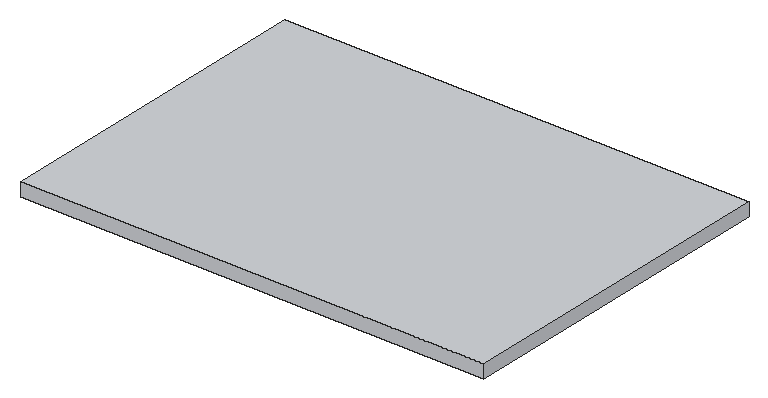
Revit family "XT 105 - LM", category Aparatos sanitarios, Revit 2016
Family settings
  Anfitrión = Cara
  Tipo de pieza = Normal
  Cota de conector redondo = Diámetro de uso
  Número OmniClass = 23.45.05.14.14
  Título OmniClass = Sinks/Lavatories
  Corte con vacíos al cargar = No
  Compartido = No
  Punto de cálculo de habitación = No
Parameters
  WFU = 0
  URL = "http://www.prestoiberica.com"
  Sistema = "AFS / ACS"
  Referencia = "20920"
  Peso = 0.84 kg
  Notas de suministro = "Suministrado con brida, latiguillos flexibles en acero inoxidable de ½” y 350 mm, 2 llaves de paso y juntas."
  Modelo = "PRESTO XT 105 - LM"
  Material = Latón, cromado
  HWFU = 1
  Fabricante = "PRESTO IBÉRICA"
  Email = "info@prestoiberica.com"
  Teléfono = "+34 915 782 575"
  Default Elevation = 48"
  Diámetro entrada = 1/2"
  Descripción = "Cuerpo y pulsador en latón cromado, piezas interiores en materiales resistentes a la corrosión e incrustaciones calcáreas."
  Código de montaje = "D2020"
  Comentarios de tipo = "Fabricado con materiales de alta resistencia y duración. Cabeza intercambiable que comprende todo el mecanismo del grifo. Válvulas antirretorno incorporadas que impiden la intercomunicación de agua fría y\r\ncaliente."
  Cierre = "15 seg."
  Caudal = 6.0 L/min
  CWFU = 1
  Accionamiento = "Por pulsador"
Reference planes (in)
  plane 1 "Centro (Frontal/Posterior)": y = 0
  plane 2: z = 0
  plane 3 "Centro (Izquierda/Derecha)": x = 0
Forms (in)
  Extrusion 1, solid
    sketch origin (0, 0, 0) x (1, 0, 0) y (0, 1, 0)
      loop
        line (-6.44299, 4.74141) -> (-6.44299, -4.80498) -> (6.97478, -4.80498) -> (6.97478, 4.74141) -> (-6.44299, 4.74141)
    from 0 to -0.38452
Dimensions and locks (in)
  aligned and locked: plane 2 to Extrusion 1
  aligned and locked: level to Extrusion 1
Connectors (in)
  piping at (-0.25591, -0.3491, 0.11811), diameter 0.5, driven by "Caudal", driven by "Diámetro entrada"
    settings: on import instance, index 1, connector inside diameter 609.6 mm, connector length 0", flow factor 0, pipe flow 6.0 L/min, pressure drop 0.0 Pa, fitting loss kfactor 0, connector angle 0.00°, fixture units 0, engagement length 0", angle of deflection 0.00°, flow configuration 0, flow direction 1, fitting loss method 0, system type 19, joint type 0, gender type 0, connector reference index -1, connector utility 0, adjustable connector no, is connector primary yes, connector description ""
  piping at (0.25591, -0.3491, 0.11811), diameter 0.5, driven by "Caudal", driven by "Diámetro entrada"
    settings: on import instance, index 2, connector inside diameter 609.6 mm, connector length 0", flow factor 0, pipe flow 6.0 L/min, pressure drop 0.0 Pa, fitting loss kfactor 0, connector angle 0.00°, fixture units 0, engagement length 0", angle of deflection 0.00°, flow configuration 0, flow direction 1, fitting loss method 0, system type 20, joint type 0, gender type 0, connector reference index -1, connector utility 0, adjustable connector no, is connector primary no, connector description ""
